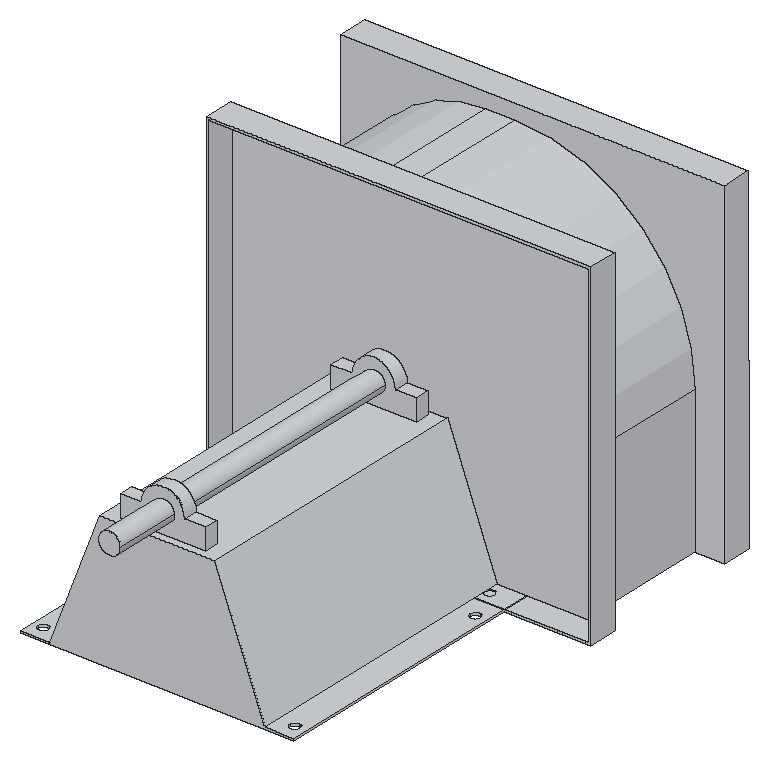
Revit family "CA-4_SWSI_ARR_1_CW_DBD", category Mechanical Equipment, Revit 2019 (continued)
Types (55): name | S | R | P | O/2 | O | E | ARR_1_U-D | ARR_1_K-D | ARR_1_J/2 | ARR_1_J | MOTOR_RAD | M | L | K | J | INLET_RAD/2 | INLET_RAD+1.5" | INLET_RAD | INLET_DIA | F-E | F/5 | F | G | E-(INLET_RAD+1.5") | E+(INLET_RAD+1.5") | H | D-((D-B)/2) | D | B | ARR_2_L-ARR_2_K | ARR_2_L | ARR_2_K | ARR_1_V | ARR_1_U | ARR_1_N | ARR_1_M | ARR_1_K | ARR_1_H | ARR_1_G | A | 2ARR_1_J+1" | 2ARR_1_J | Model | -ARR_1_J | -(ARR_2_L - ARR_2_K) | -(((K-B)/2)-.125") | -(((D - B) / 2) - 1/8") | (R-B)/2 | ((K-B)/2)+B | (D-B)/2 | -(((K-B)/2)+L) | ((D-B)/2)-.125"
  600_CA-4_SWSI_ARR_1_CW_DBD_CLASS_2 | 32" | 49 5/16" | 24 21/32" | 17/32" | 1 1/16" | 49 3/4" | 34 3/8" | 27" | 1 23/32" | 3 7/16" | 10 5/16" | 66 11/16" | 10" | 56 11/16" | 3" | 16 1/2" | 34 1/2" | 33" | 66" | 68 1/4" | 23.6" | 118" | 109 5/8" | 17 1/8" | 86 1/8" | 51 5/8" | 48 13/16" | 51 13/16" | 45 13/16" | 26 7/8" | 34 3/8" | 7 1/2" | 7 1/2" | 86 3/16" | 24 9/16" | 1 1/4" | 78 13/16" | 33 3/4" | 34 3/4" | 65 5/8" | 7 7/8" | 6 7/8" | "CA-4 SWSI ARR 1 CW DBD CLASS 2" | -3 7/16" | -26 7/8" | -5 5/16" | -2 7/8" | 1 3/4" | 51 1/4" | 3" | -15 7/16" | 2 7/8"
  600_CA-4_SWSI_ARR_1_CW_DBD_CLASS_3 | 32" | 49 5/16" | 24 21/32" | 17/32" | 1 1/16" | 49 3/4" | 34 3/8" | 27" | 1 31/32" | 3 15/16" | 11 13/16" | 66 11/16" | 10" | 56 11/16" | 3" | 16 1/2" | 34 1/2" | 33" | 66" | 68 1/4" | 23.6" | 118" | 109 5/8" | 17 1/8" | 86 1/8" | 51 5/8" | 48 13/16" | 51 13/16" | 45 13/16" | 26 7/8" | 34 3/8" | 7 1/2" | 7 1/2" | 86 3/16" | 24 9/16" | 1 1/4" | 78 13/16" | 33 3/4" | 34 3/4" | 65 5/8" | 8 7/8" | 7 7/8" | "CA-4 SWSI ARR 1 CW DBD CLASS 3" | -3 15/16" | -26 7/8" | -5 5/16" | -2 7/8" | 1 3/4" | 51 1/4" | 3" | -15 7/16" | 2 7/8"
